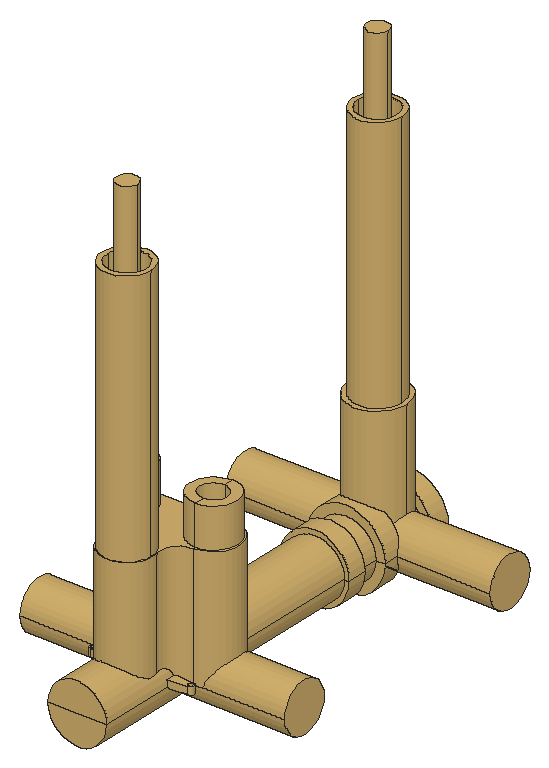
Revit family "Valve_Rough-Thermostatic-DXV-D35005523S.191", category Plumbing Fixtures, host Face, Revit 2019
Family settings
  Host = Face
  Round Connector Dimension = Use Radius
  Part Type = Normal
  OmniClass Number = 23.65.55.14.11
  OmniClass Title = Inlet/Outlet Valves for Liquid Services
  Cut with Voids When Loaded = No
  Shared = Yes
  Room Calculation Point = No
Parameters (values of type "D35005523S.191")
  Width = 5 7/8"
  Waste Connection = no
  WFU = 4
  Vent Connection = no
  URL = "www.dxv.com"
  Type Comments = "Shared Functions"
  Product Page URL = "https://www.dxv.com/product/2-handle-thermostatic-rough-valve-with-3-way-diverter-shared-functions"
  Product Documentation Link = "https://dxv01.blob.core.windows.net/dxv-product-pdf-files/spec_D35005523S_DXV_Modulus_2hand_thermo_rough_3way_diverter_EN.pdf"
  Price = "Prices may vary. Please consult Manufacturer Representative for most up-to-date price list."  # constant formula
  Model = "D35005523S.191"
  Material = "Metal-DXV-Brass"
  Manufacturer = "DXV"
  Length = 1 3/4"
  Installation Type = "Wall Mounted"
  IAPMO Compliance = "Meets or Exceeds ASME A112.18.1/CSA B125.1/ASSE 1016"  # constant formula
  Hydronic Supply Width = 1 11/16"
  Hydronic Supply Radius = 1/4"
  Hydronic Supply Diameter = Hydronic Supply Radius * 2  # 1/2"
  Height = 3 3/8"
  HWFU = 3
  HW Connection = yes
  Finish = Metal-DXV-Brass
  Description = "2-HANDLE THERMOSTATIC ROUGH VALVE WITH 3-WAY DIVERTER - SHARED FUNCTIONS"
  Default Elevation = 0"
  Creation Date = "07/29/2022"  # constant formula
  CalGreen Compliant = yes
  CWFU = 2
  CW Connection = yes
  CEC Compliant = yes
  Back to Finished Wall Constraint = if(Back to Finished Wall < 3", 3", if(Back to Finished Wall > 4 3/8", 4 3/8", Back to Finished Wall))  # 3"
  Back to Finished Wall = 3"
  Assembly Code = "D2010710"
Reference planes (in)
  plane 1 "Center (Front/Back)": y = 0
  plane 2: z = 0
  plane 3 "Center (Left/Right)": x = 0
  plane 4: x = -1.6875
  plane 5 "Tube Body": z = -3
  plane 6: y = -0.71991
  plane 7: y = 3.28009
  plane 8: y = 2.78009
  plane 9: y = 3.78009
  plane 10: y = -1.5
  plane 11: y = 3.03009
  plane 12: y = 3.53009
  plane 13: y = 2.53009
  plane 14: y = 2.28009
  plane 15: x = 1.6875
  plane 16: z = -3.5
  plane 17: z = 0
  plane 18: z = -2.5
  plane 19: z = 2.75
  plane 20: z = -0.9375
  plane 21: z = 1.82812
  plane 22: z = -1.4375
  plane 23: y = -0.71991
Forms (in)
  Extrusion 1, solid, material "Metal-DXV-Brass" <- "Finish"
    sketch origin (0, 0, 0) x (0, 1, 0) y (0, 0, 1)
      loop
        circle (0, -3) r 0.25
      loop
        circle (0, -3) r 0.3125
    from -1.6875 to 1.6875
  Extrusion 2, solid, material "Metal-DXV-Brass" <- "Finish"
    sketch origin (0, 0, -0.51392) x (1, 0, 0) y (0, 1, 0)
      loop
        arc (-0.31863, -0.64062) -> (0, -1.04825) -> (0.31863, -0.64062) r 0.32835
        arc (0.31863, -0.64062) -> (0.36041, -0.43135) -> (0.54851, -0.33058) r 0.25
        arc (0.54851, -0.33058) -> (0.86336, 0.00832) -> (0.53228, 0.33139) r 0.33118
        line (0.53228, 0.33139) -> (-0.54878, 0.33139)
        arc (-0.54878, 0.33139) -> (-0.87975, 0.00041) -> (-0.54878, -0.33056) r 0.33097
        arc (-0.54878, -0.33056) -> (-0.36049, -0.43125) -> (-0.31863, -0.64062) r 0.25
      loop
        circle (0, 3.28009) r 0.37264
    from -2.48608 to -0.92358
  Extrusion 3, solid, material "Metal-DXV-Brass" <- "Finish"
    sketch origin (-3, 0, 0) x (0, 1, 0) y (0, 0, 1)
      loop
        circle (0, -3) r 0.25
    from 1.3125 to 3
  Extrusion 4, solid, material "Metal-DXV-Brass" <- "Finish"
    sketch origin (3, 0, 0) x (0, 1, 0) y (0, 0, -1)
      loop
        circle (0, 3) r 0.25
    from 1.3125 to 3
  Extrusion 5, solid, material "Metal-DXV-Brass" <- "Finish"
    sketch origin (0, -1.6875, 0) x (1, 0, 0) y (0, 0, 1)
      loop
        circle (0, -3) r 0.25
    from -1.6875 to -0.1875
  Extrusion 6, solid, material "Metal-DXV-Brass" <- "Finish"
    sketch origin (0, 1.6875, 0) x (1, 0, 0) y (0, 0, -1)
      loop
        circle (0, 3) r 0.25
    from -1.6875 to 2.09259
  Revolve 7, solid, material "Metal-DXV-Brass" <- "Finish"
    sketch origin (0, 0, -3) x (0, -1, 0) y (1, 0, 0)
      loop
        line (-3.78009, 0) -> (1.5081, 0) -> (1.5081, 0.375) -> (-2.28009, 0.375) -> (-2.28009, 0.4375) -> (-2.53009, 0.4375) -> (-2.53009, 0.375) -> (-2.78009, 0.375) -> (-2.78009, 0.5) -> (-3.03009, 0.5) -> (-3.03009, 0.375) -> (-3.53009, 0.375) -> (-3.53009, 0.5) -> (-3.78009, 0.5) -> (-3.78009, 0)
      axis (-3.78009, 0) -> (1.5081, 0)
    angle from 0 to 360
  Extrusion 8, solid, material "Metal-DXV-Brass" <- "Finish"
    sketch origin (0, 0, 0) x (1, 0, 0) y (0, 1, 0)
      loop
        circle (0, 3.28009) r 0.25
      loop
        circle (0, 3.28009) r 0.31014
      loop
        circle (0, -0.71991) r 0.25
      loop
        circle (0, -0.71991) r 0.31014
    from -3 to 1.82812
  Revolve 9, solid, material "Metal-DXV-Brass" <- "Finish"
    sketch origin (-0.53228, 0, 0) x (0, 1, 0) y (0, 0, 1)
      loop
        line (0.29972, -2.125) -> (0.29972, -0.9375) -> (0.17472, -0.9375) -> (0.17472, -2.125) -> (0.29972, -2.125)
      axis (0, -0.9375) -> (0, -2.125)
    angle from 0 to 360
  Revolve 10, solid, material "Metal-DXV-Brass" <- "Finish"
    sketch origin (0.53228, 0, 0) x (0, 1, 0) y (0, 0, -1)
      loop
        line (0.29972, 1.4375) -> (0.17472, 1.4375) -> (0.17472, 0.9375) -> (0.29972, 0.9375) -> (0.29972, 1.4375)
      axis (0, 0.9375) -> (0, 1.4375)
    angle from 0 to 360
  Extrusion 11, solid, material "Metal-DXV-Brass" <- "Finish"
    sketch origin (0, 0, 0) x (1, 0, 0) y (0, 1, 0)
      loop
        line (-0.32797, -0.54806) -> (0.32797, -0.54806) -> (0.62321, -0.52225)
        arc (0.62321, -0.52225) -> (0.66474, -0.47713) -> (0.62295, -0.43225) r 0.04513
        line (0.62295, -0.43225) -> (0.30907, -0.40592) -> (-0.30907, -0.40592) -> (-0.62295, -0.43225)
        arc (-0.62295, -0.43225) -> (-0.66474, -0.47713) -> (-0.62321, -0.52225) r 0.04513
        line (-0.62321, -0.52225) -> (-0.32797, -0.54806)
      loop
        circle (-0.61961, -0.47726) r 0.03121
      loop
        circle (0.61961, -0.47726) r 0.03125
    from -3 to -2.90923
  Extrusion 12, solid, material "Metal-DXV-Brass" <- "Finish"
    sketch origin (0, 0, 0) x (1, 0, 0) y (0, 1, 0)
      loop
        circle (0, 3.28009) r 0.13362
      loop
        circle (0, -0.71991) r 0.13362
    from -3 to 2.75
  Extrusion 13, solid, material "Metal-DXV-Brass" <- "Finish"
    sketch origin (0, 0, 0) x (0, 1, 0) y (0, 0, 1)
      loop
        circle (3.28009, -3) r 0.3125
    from -1.6875 to 1.6875
Cuts and joins
  joined: Extrusion 1, Extrusion 2, Extrusion 3, Extrusion 4, Extrusion 5, Extrusion 6, Revolve 7, Extrusion 8, Revolve 9, Revolve 10, Extrusion 11, Extrusion 12, Extrusion 13
Lines and regions (in)
  Masking region 1, detail levels medium+fine
    outline origin (0, 0, 0) x (1, 0, 0) y (0, 0, 1)
      loop
        line (-0.31014, -0.9375) -> (-0.83201, -0.9375) -> (-0.83201, -1.4375) -> (-0.87975, -1.4375) -> (-0.87975, -2.6875) -> (-1.6875, -2.6875) -> (-1.6875, -3.3125) -> (-0.39031, -3.3125)
        arc (-0.39031, -3.3125) -> (0, -3.5) -> (0.39031, -3.3125) r 0.5
        line (0.39031, -3.3125) -> (1.6875, -3.3125) -> (1.6875, -2.6875) -> (0.8633, -2.6875) -> (0.8633, -1.4375) -> (0.83201, -1.4375) -> (0.83201, -0.9375) -> (0.31014, -0.9375) -> (0.31014, 0) -> (-0.31014, 0) -> (-0.31014, -0.9375)
  Masking region 2
    outline origin (0, 0, 0) x (1, 0, 0) y (0, 0, 1)
      loop
        line (-0.31014, 0) -> (0.31014, 0) -> (0.31014, 1.82812) -> (0.13362, 1.82812) -> (0.13362, 2.75) -> (-0.13362, 2.75) -> (-0.13362, 1.82812) -> (-0.31014, 1.82812) -> (-0.31014, 0)
  symbolic lines
    curve 1: line (0.13241, 0, 1.82812) -> (-0.13325, 0, 1.82812)
Dimensions and locks (in)
  plane 4 to plane 3 "Center (Left/Right)" = 1 11/16"
  plane 14 to plane 13 to plane 8 to plane 11 to plane 7 to plane 12 to plane 9 = 1/4" locked, 1/4" locked, 1/4" locked, 1/4" locked, 1/4" locked, 1/4" locked
  plane 3 "Center (Left/Right)" to Revolve 7 sketch curve to Revolve 7 sketch curve to Revolve 7 sketch curve to Revolve 7 sketch curve to Revolve 7 sketch curve = 3/8" locked, 0" locked, 1/16" locked, 1/16" locked, 0" locked
  plane 6 to plane 7 = 4"
  plane 19 to plane 20 to plane 16 = 3 11/16" locked, 2 9/16" locked
  locked: plane 21 to plane 19 at 0.92187
  plane 20 to plane 22 = 1/2"
  plane 16 to plane 5 "Tube Body" to plane 18 = 1/2" locked, 1/2" locked
  "Back to Finished Wall Constraint": level to plane 5 "Tube Body"
  locked: cut or joined group 1 (Extrusion 1, Extrusion 2, Extrusion 3, Extrusion 4, Extrusion 5, Extrusion 6, Revolve 7, Extrusion 8, Revolve 9, Revolve 10, Extrusion 11, Extrusion 12, Extrusion 13) to plane 5 "Tube Body" at 0.09077
  aligned and locked: plane 2 to host face
  aligned and locked: Extrusion 8 to plane 21
  aligned and locked: plane 22 to Extrusion 2
  aligned and locked: plane 4 to Extrusion 3
  aligned and locked: plane 3 "Center (Left/Right)" to Extrusion 3
  aligned and locked: Extrusion 1 to Extrusion 4
  aligned and locked: plane 1 "Center (Front/Back)" to Extrusion 6
  aligned and locked: Extrusion 5 to plane 1 "Center (Front/Back)"
  aligned and locked: Extrusion 12 to plane 19
  aligned and locked: Extrusion 12 to plane 5 "Tube Body"
  aligned and locked: Extrusion 8 to plane 5 "Tube Body"
  aligned and locked: Extrusion 2 to plane 5 "Tube Body"
  aligned and locked: plane 22 to cut or joined group 1
  aligned and locked: cut or joined group 1 to plane 20  (x2)
  aligned and locked: cut or joined group 1 to plane 22  (x2)
  aligned and locked: Extrusion 11 to plane 5 "Tube Body"
  aligned and locked: plane 20 to Masking region 1 sketch curve
  aligned and locked: plane 22 to Masking region 1 sketch curve
  aligned and locked: Masking region 1 sketch curve to plane 4
  aligned and locked: Masking region 1 sketch curve to cut or joined group 1
  aligned and locked: plane 7 to Extrusion 13 sketch curve
  aligned and locked: plane 5 "Tube Body" to Extrusion 13 sketch curve
  aligned and locked: plane 4 to Extrusion 13
  aligned and locked: Masking region 1 sketch curve to host face
  aligned and locked: Masking region 2 sketch curve to host face
  aligned and locked: Masking region 2 sketch curve to Masking region 1  (x2)
  aligned and locked: Masking region 2 sketch curve to cut or joined group 1  (x5)
Automatic sketch dimensions
  host sketch curve to host sketch curve = 96"  (x2)
  Extrusion 1 sketch curve to Extrusion 1 sketch curve = 0"  (x2)
  Extrusion 1 sketch curve to plane 1 "Center (Front/Back)" = 0"
  Extrusion 1 sketch curve to plane 5 "Tube Body" = 0"
  Extrusion 2 sketch curve to Extrusion 2 sketch curve = 0"  (x4)
  plane 7 to Extrusion 2 sketch curve = 0"
  Extrusion 2 sketch curve to plane 3 "Center (Left/Right)" = 0"  (x2)
  plane 6 to Extrusion 2 sketch curve = 0"
  Extrusion 2 sketch curve to plane 3 "Center (Left/Right)" = 0.54878"
  Extrusion 2 sketch curve to Extrusion 2 sketch curve = 0.01246"
  plane 3 "Center (Left/Right)" to Extrusion 2 sketch curve = 0.53228"
  Extrusion 2 sketch curve to plane 6 = 0.13965"  (x2)
  plane 3 "Center (Left/Right)" to Extrusion 2 sketch curve = 0.56123"
  Extrusion 2 sketch curve to plane 1 "Center (Front/Back)" = 0.00021"
  Extrusion 2 sketch curve to plane 1 "Center (Front/Back)" = 0.00041"
  Extrusion 2 sketch curve to Extrusion 2 sketch curve = 0.33097"
  Extrusion 2 sketch curve to Extrusion 2 sketch curve = 0.37264"
  Extrusion 3 sketch curve to plane 1 "Center (Front/Back)" = 0"
  Extrusion 3 sketch curve to plane 5 "Tube Body" = 0"
  Extrusion 4 sketch curve to plane 1 "Center (Front/Back)" = 0"
  Extrusion 4 sketch curve to plane 5 "Tube Body" = 0"
  Extrusion 5 sketch curve to plane 3 "Center (Left/Right)" = 0"
  Extrusion 5 sketch curve to plane 5 "Tube Body" = 0"
  Extrusion 6 sketch curve to plane 3 "Center (Left/Right)" = 0"
  Extrusion 6 sketch curve to plane 5 "Tube Body" = 0"
  Revolve 7 sketch curve to plane 3 "Center (Left/Right)" = 0"  (x2)
  plane 9 to Revolve 7 sketch curve = 0"  (x2)
  plane 12 to Revolve 7 sketch curve = 0"
  plane 11 to Revolve 7 sketch curve = 0"
  plane 8 to Revolve 7 sketch curve = 0"
  plane 13 to Revolve 7 sketch curve = 0"
  plane 14 to Revolve 7 sketch curve = 0"
  plane 10 to Revolve 7 sketch curve = 0.0081"
  Revolve 7 sketch curve to Revolve 7 sketch curve = 3/8"
  Revolve 7 sketch curve to Revolve 7 sketch curve = 3/4"
  Extrusion 8 sketch curve to Extrusion 8 sketch curve = 0"  (x4)
  Extrusion 8 sketch curve to plane 3 "Center (Left/Right)" = 0"  (x2)
  plane 6 to Extrusion 8 sketch curve = 0"
  plane 7 to Extrusion 8 sketch curve = 0"
  Revolve 9 sketch curve to plane 1 "Center (Front/Back)" = 0"
  plane 20 to Revolve 9 sketch curve = 0"
  Revolve 9 sketch curve to plane 1 "Center (Front/Back)" = 0.17472"
  Revolve 9 sketch curve to Revolve 9 sketch curve = 1/8"
  Revolve 9 sketch curve to plane 18 = 3/8"
  Revolve 9 sketch curve to plane 22 = 3/16"
  Revolve 9 sketch curve to Revolve 9 sketch curve = 0"
  Revolve 10 sketch curve to plane 1 "Center (Front/Back)" = 0"
  Revolve 10 sketch curve to plane 22 = 0"  (x2)
  plane 20 to Revolve 10 sketch curve = 0"  (x2)
  Revolve 10 sketch curve to Revolve 10 sketch curve = 0.17472"
  Revolve 10 sketch curve to Revolve 10 sketch curve = 1/8"
  Extrusion 11 sketch curve to Extrusion 11 sketch curve = 0"  (x4)
  Extrusion 11 sketch curve to plane 6 = 0.19766"  (x2)
  Extrusion 11 sketch curve to plane 3 "Center (Left/Right)" = 0.62321"
  Extrusion 11 sketch curve to plane 6 = 0.28765"  (x2)
  Extrusion 11 sketch curve to Extrusion 11 sketch curve = 0.00026"
  Extrusion 11 sketch curve to Extrusion 11 sketch curve = 0.00334"  (x2)
  Extrusion 11 sketch curve to Extrusion 11 sketch curve = 0.29524"
  Extrusion 11 sketch curve to Extrusion 11 sketch curve = 0.01891"  (x2)
  plane 3 "Center (Left/Right)" to Extrusion 11 sketch curve = 0.30907"
  Extrusion 11 sketch curve to Extrusion 11 sketch curve = 0.29164"
  Extrusion 11 sketch curve to Extrusion 11 sketch curve = 0.0036"
  Extrusion 11 sketch curve to plane 6 = 0.17184"
  Extrusion 11 sketch curve to Extrusion 11 sketch curve = 0.14214"
  Extrusion 12 sketch curve to plane 3 "Center (Left/Right)" = 0"  (x2)
  plane 6 to Extrusion 12 sketch curve = 0"
  plane 7 to Extrusion 12 sketch curve = 0"
  curve 1 to plane 21 = 0"
  curve 1 to plane 3 "Center (Left/Right)" = 0.13325"
  plane 3 "Center (Left/Right)" to curve 1 = 0.13241"
  Masking region 1 sketch curve to plane 3 "Center (Left/Right)" = 0"
  Masking region 1 sketch curve to plane 20 = 0"
  Masking region 1 sketch curve to plane 22 = 0"
  Masking region 1 sketch curve to plane 15 = 0"
  Masking region 1 sketch curve to plane 5 "Tube Body" = 0"
  Masking region 1 sketch curve to Masking region 1 sketch curve = 0.56961"
  Masking region 1 sketch curve to Masking region 1 sketch curve = 0.04774"
  plane 16 to Masking region 1 sketch curve = 3/16"  (x2)
  Masking region 1 sketch curve to plane 3 "Center (Left/Right)" = 0.39031"
  Masking region 1 sketch curve to Masking region 1 sketch curve = 0.52187"
  plane 18 to Masking region 1 sketch curve = 3/16"  (x2)
  Masking region 1 sketch curve to Masking region 1 sketch curve = 0.47299"
  plane 3 "Center (Left/Right)" to Masking region 1 sketch curve = 0.31014"
  radius of Extrusion 1 sketch curve = 1/4"
  radius of Extrusion 1 sketch curve = 5/16"
  radius of Extrusion 3 sketch curve = 1/4"
  radius of Extrusion 4 sketch curve = 1/4"
  radius of Extrusion 5 sketch curve = 1/4"
  radius of Extrusion 6 sketch curve = 1/4"
  radius of Extrusion 8 sketch curve = 1/4"  (x2)
  radius of Extrusion 8 sketch curve = 0.31014"  (x2)
  radius of Extrusion 11 sketch curve = 0.03121"
  radius of Extrusion 11 sketch curve = 1/32"
  radius of Extrusion 12 sketch curve = 0.13362"  (x2)
  radius of Extrusion 13 sketch curve = 5/16"
Connectors (in)
  piping at (1.6875, 0, -3), diameter 0.5, driven by "Hydronic Supply Radius"
    settings: on Extrusion 4, index 1, connector inside diameter 1/2", connector length 0", flow factor 0, pipe flow 0 GPM, pressure drop 0.00 psi, fitting loss kfactor 0, connector angle 0.00°, fixture units 3, engagement length 0", angle of deflection 0.00°, flow configuration 3, flow direction 1, fitting loss method 0, system type 7, joint type 0, gender type 0, connector reference index -1, connector utility 0, adjustable connector no, is connector primary yes, connector description "1/2\" NPT CW Inlet Connection"
  piping at (-1.6875, 0, -3), diameter 0.5, driven by "Hydronic Supply Radius"
    settings: on Extrusion 3, index 3, connector inside diameter 1/2", connector length 0", flow factor 0, pipe flow 0 GPM, pressure drop 0.00 psi, fitting loss kfactor 0, connector angle 0.00°, fixture units 3, engagement length 0", angle of deflection 0.00°, flow configuration 3, flow direction 1, fitting loss method 0, system type 7, joint type 0, gender type 0, connector reference index -1, connector utility 0, adjustable connector no, is connector primary no, connector description "1/2\" NPT HW Inlet Connection"
  piping at (0, 3.78009, -3), diameter 0.5, driven by "Hydronic Supply Radius"
    settings: on Extrusion 6, index 4, connector inside diameter 1/2", connector length 0", flow factor 0, pipe flow 0 GPM, pressure drop 0.00 psi, fitting loss kfactor 0, connector angle 0.00°, fixture units 3, engagement length 0", angle of deflection 0.00°, flow configuration 3, flow direction 2, fitting loss method 0, system type 7, joint type 0, gender type 0, connector reference index -1, connector utility 0, adjustable connector no, is connector primary no, connector description "1/2\" NPT Outlet Connection A"
  piping at (1.6875, 3.28009, -3), diameter 0.5, driven by "Hydronic Supply Radius"
    settings: on cut or joined group 1, index 5, connector inside diameter 24", connector length 0", flow factor 0, pipe flow 0 GPM, pressure drop 0.00 psi, fitting loss kfactor 0, connector angle 0.00°, fixture units 0, engagement length 0", angle of deflection 0.00°, flow configuration 0, flow direction 2, fitting loss method 0, system type 29, joint type 0, gender type 0, connector reference index -1, connector utility 0, adjustable connector no, is connector primary no, connector description "1/2\" NPT Outlet Connection B"
  piping at (0, -1.5081, -3), diameter 0.5, driven by "Hydronic Supply Radius"
    settings: on cut or joined group 1, index 6, connector inside diameter 24", connector length 0", flow factor 0, pipe flow 0 GPM, pressure drop 0.00 psi, fitting loss kfactor 0, connector angle 0.00°, fixture units 0, engagement length 0", angle of deflection 0.00°, flow configuration 0, flow direction 2, fitting loss method 0, system type 29, joint type 0, gender type 0, connector reference index -1, connector utility 0, adjustable connector no, is connector primary no, connector description "1/2\" NPT Outlet Connection D"
  piping at (-1.6875, 3.28009, -3), diameter 0.5, driven by "Hydronic Supply Radius"
    settings: on cut or joined group 1, index 7, connector inside diameter 24", connector length 0", flow factor 0, pipe flow 0 GPM, pressure drop 0.00 psi, fitting loss kfactor 0, connector angle 0.00°, fixture units 0, engagement length 0", angle of deflection 0.00°, flow configuration 0, flow direction 2, fitting loss method 0, system type 29, joint type 0, gender type 0, connector reference index -1, connector utility 0, adjustable connector no, is connector primary no, connector description "1/2\" NPT Outlet Connection C"
